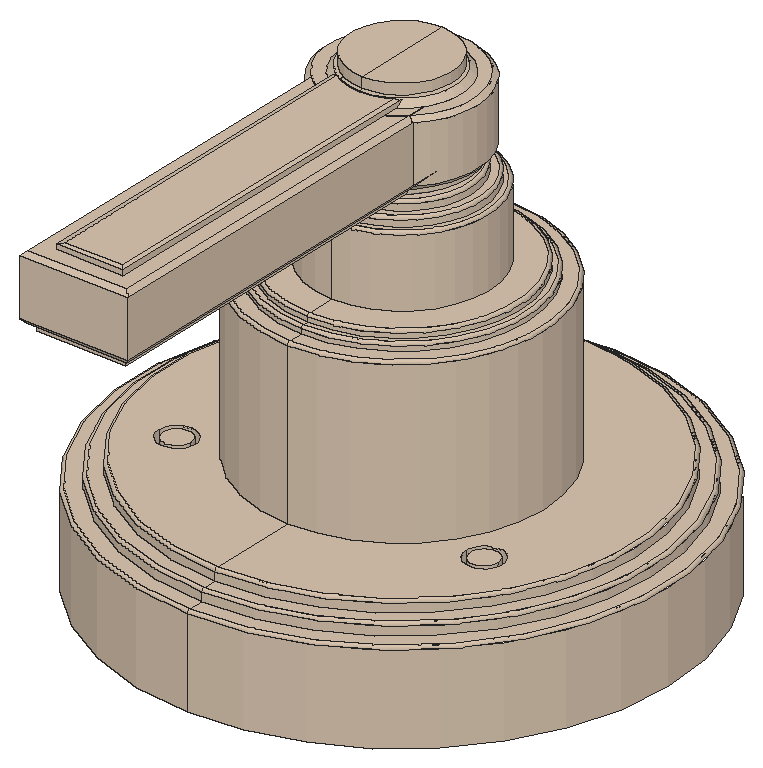
Revit family "Shower-Valve_Trim-KALLISTA-Vir_Stil-P80257_1", category Specialty Equipment, host Face, Revit 2021
Family settings
  Host = Face
  Round Connector Dimension = Use Diameter
  Part Type = Normal
  OmniClass Number = 23.31.17.00
  OmniClass Title = Showers
  Cut with Voids When Loaded = No
  Shared = No
  Room Calculation Point = No
Parameters (values of type "BAF-Brushed French Gold")
  Width = 3 193/256"  # constant formula
  WaterSense Certified = 1 = 0  # no
  Waste Water Outlet = "Waste Water Outlet"  # constant formula
  Waste Connection = 1 = 0  # no
  Vent Connection = 1 = 0  # no
  URL = "https://www.kallista.com/"
  Type = 1
  Tempered Water Inlet = "Tempered Water Inlet"  # constant formula
  Product Page URL = ""
  Product Name = "Vir Stil"  # constant formula
  Product Documentation Link = ""
  Model = if(Type = 1, "P80257-LV-BAF", if(Type = 2, "P80257-LV-BN", if(Type = 3, "P80257-LV-CP", if(Type = 4, "P80257-LV-SN", "NA"))))  # "P80257-LV-BAF"
  Material = "Premium Metal Construction"  # constant formula
  Master Format 2014 Name = "Residential Showers"  # constant formula
  Master Format 2014 = "22 42 23"  # constant formula
  Manufacturer Address = "444 Highland Dr, Kohler, WI 53044"  # constant formula
  Manufacturer = "Kallista Co."  # constant formula
  Length = 3 21/64"  # constant formula
  Hot Water Inlet = "Hot Water Inlet"  # constant formula
  Height = 3 193/256"  # constant formula
  Handle Clearance = 2.87598"  # constant formula
  HW Connection = 1 = 0  # no
  Finish = Kallista-Metal-BAF-Brushed_French_Gold
  Environmental Product Declaration = ""
  Drain Included = 1 = 0  # no
  Description = "Minimal Transfer Trim, Lever Handle"  # constant formula
  Default Elevation = 42"
  Declare Label = ""
  Date Modified = "10/14/2023"  # constant formula
  Date Created = "10/14/2023"  # constant formula
  Copyright = "Copyright Kohler Co."  # constant formula
  Contact Us = "https://www.kallista.com/corporate/contact-us/"
  Cold Water Inlet = "Cold Water Inlet"  # constant formula
  CW Connection = 1 = 0  # no
  Assembly Code = "D2010700"
  ADA Compliant = 1 = 0  # no
Types (5): name | Type | Model | Finish
  (no name) | 1 | "P80257-LV-BAF" | Kallista-Metal-BAF-Brushed_French_Gold
  BAF-Brushed French Gold | 1 | "P80257-LV-BAF" | Kallista-Metal-BAF-Brushed_French_Gold
  BN-Brushed Nickel | 2 | "P80257-LV-BN" | Kallista-Metal-BN-Brushed_Nickel
  SN-Polished Nickel | 4 | "P80257-LV-SN" | Kallista-Metal-SN-Polished_Nickel
  CP-Chrome | 3 | "P80257-LV-CP" | Kallista-Metal-CP-Chrome
Reference planes (in)
  plane 1 "Center (Front/Back)": y = 0
  plane 2: z = 0
  plane 3 "Center (Left/Right)": x = 0
  plane 4: x = -1.87598
  plane 5: x = -1
  plane 6: x = 1
  plane 7: x = 0.39961
  plane 8: x = -0.39961
  plane 9: x = -0.375
  plane 10: x = -0.39961
  plane 11: x = 0.375
  plane 12: z = 0.79921
  plane 13: y = -1.87792
  plane 14: y = -2.87598
  plane 15: y = 1.87598
  plane 16: x = 1.87792
  plane 17: z = 3.32812
Dimensions and locks (in)
  plane 9 to plane 11 = 3/4"
  plane 5 to plane 6 = 2"
  level to plane 12 = 0.79921"
  "Handle Clearance": plane 1 "Center (Front/Back)" to plane 14
  "Height": plane 15 to plane 13
  "Width": plane 4 to plane 16
  plane 14 to plane 15 = 4.75197"
  "Length": plane 17 to level
  aligned and locked: plane 2 to host face
  aligned and locked: level to host face
  aligned and locked: plane 3 "Center (Left/Right)" to nested 1
  aligned and locked: plane 1 "Center (Front/Back)" to nested 1
Automatic sketch dimensions
  host sketch curve to host sketch curve = 96"  (x2)
Nested families (in)
  nested 1: "P80257" at (0, 0, 0), type "P80257"
Definition of nested family "P80257"
  Parameters (values of type "P80257")
    Material = none
    Default Elevation = 0"
  Reference planes (in)
    plane 1 "Center (Front/Back)": y = 0
    plane 2: z = 0
    plane 3 "Center (Left/Right)": x = 0
    plane 4: x = -1.87598
    plane 5: x = 1.87598
    plane 6: y = 1.87598
    plane 7: y = -1.87598
    plane 8: z = 3.32677
    plane 9: y = -2.87598
    plane 10: z = 0.79921
    plane 11: x = -1
    plane 12: x = 1
    plane 13: x = -0.39961
    plane 14: x = 0.39961
    plane 15: x = -0.375
    plane 16: x = 0.375
  Forms (in)
    Revolve 1, solid, material <- "Material", detail levels medium+fine
      sketch origin (0, 0, 0) x (0, 1, 0) y (0, 0, 1)
        loop
          line (-1.87598, 0) -> (0, 0) -> (0, 2.6642) -> (-0.465, 2.6642)
          arc (-0.465, 2.6642) -> (-0.47892, 2.65844) -> (-0.48468, 2.64452) r 0.01969
          line (-0.48468, 2.64452) -> (-0.48468, 2.60121) -> (-0.53728, 2.60121)
          arc (-0.53728, 2.60121) -> (-0.55112, 2.59548) -> (-0.55686, 2.58164) r 0.01958
          line (-0.55686, 2.58164) -> (-0.55686, 2.53818) -> (-0.59045, 2.53818)
          arc (-0.59045, 2.53818) -> (-0.60444, 2.53238) -> (-0.61024, 2.51839) r 0.01979
          line (-0.61024, 2.51839) -> (-0.61024, 2.04172) -> (-0.80534, 2.04172)
          arc (-0.80534, 2.04172) -> (-0.81926, 2.03595) -> (-0.82502, 2.02203) r 0.01969
          line (-0.82502, 2.02203) -> (-0.82502, 1.99075) -> (-0.86043, 1.99075)
          arc (-0.86043, 1.99075) -> (-0.87428, 1.98502) -> (-0.88001, 1.97117) r 0.01958
          line (-0.88001, 1.97117) -> (-0.88001, 1.94015) -> (-0.97747, 1.94015)
          arc (-0.97747, 1.94015) -> (-0.99139, 1.93439) -> (-0.99715, 1.92047) r 0.01969
          line (-0.99715, 1.92047) -> (-0.99715, 0.79921) -> (-1.61581, 0.79921)
          arc (-1.61581, 0.79921) -> (-1.62973, 0.79345) -> (-1.6355, 0.77953) r 0.01969
          line (-1.6355, 0.77953) -> (-1.6355, 0.72) -> (-1.73053, 0.72)
          arc (-1.73053, 0.72) -> (-1.74445, 0.71423) -> (-1.75022, 0.70031) r 0.01969
          line (-1.75022, 0.70031) -> (-1.75022, 0.63994) -> (-1.85619, 0.63994)
          arc (-1.85619, 0.63994) -> (-1.87019, 0.63414) -> (-1.87598, 0.62014) r 0.01979
          line (-1.87598, 0.62014) -> (-1.87598, 0)
        axis (0, 0) -> (0, 2.6642)
      angle from 0 to 360
    Sweep 2, solid, material <- "Material", detail levels medium+fine
      path origin (0, -0.00307, 0.23855) x (0, 1, 0) y (-1, 0, 0)
        loop
          line (0.07874, 0.37598) -> (-2.87402, 0.37598) -> (-2.87402, -0.37598) -> (0.07874, -0.37598)
      profile origin (-0.37598, -2.87708, 0.23855) x (1, 0, 0) y (0, 0, 1)
        loop
          line (0, 2.53912) -> (0.03235, 2.50677) -> (0.06329, 2.50677) -> (0.06329, 2.45959) -> (0.09079, 2.44434) -> (0.2063, 2.44434) -> (0.2063, 3.00719) -> (0.17232, 3.00719) -> (0.14096, 2.99995) -> (0.14096, 2.96683) -> (0.03152, 2.96683) -> (0, 2.9353) -> (0, 2.53912)
    Revolve 3, solid, material <- "Material", detail levels medium+fine
      sketch origin (0, 0, 0) x (0, 1, 0) y (0, 0, 1)
        loop
          line (0, 2.684) -> (0.43906, 2.684) -> (0.4685, 2.699) -> (0.4685, 2.747) -> (0.501, 2.747) -> (0.531, 2.777) -> (0.531, 3.177) -> (0.501, 3.207) -> (0.415, 3.207) -> (0.375, 3.247) -> (0.28768, 3.247) -> (0.31703, 3.2571) -> (0.35265, 3.2571) -> (0.35265, 3.32792) -> (0, 3.32792) -> (0, 2.684)
        axis (0, 2.684) -> (0, 3.32792)
      angle from 0 to 360
    Extrusion 4, solid, material <- "Material", detail levels medium+fine
      sketch origin (0, 0, 0) x (1, 0, 0) y (0, 1, 0)
        loop
          arc (0.16969, -0.33441) -> (0.08724, -0.36471) -> (0, -0.375) r 0.375
          arc (0, -0.375) -> (-0.08724, -0.36471) -> (-0.16969, -0.33441) r 0.375
          line (-0.16969, -0.33441) -> (-0.16969, -2.67079) -> (0.16969, -2.67079) -> (0.16969, -0.33441)
      from 2.684 to 3.24574
    Extrusion 5, void
      sketch origin (0, 0, 0) x (1, 0, 0) y (0, 1, 0)
        loop
          circle (1.0782, -0.6225) r 0.13
        loop
          circle (-1.0782, -0.6225) r 0.13
        loop
          circle (0, 1.245) r 0.13
        loop
          circle (0, 1.245) r 0.095
        loop
          circle (-1.0782, -0.6225) r 0.095
        loop
          circle (1.0782, -0.6225) r 0.095
      from 0.72 to 1.11312
    Revolve 6, solid
      sketch origin (0, 0, 0) x (0, 1, 0) y (0, 0, 1)
        loop
          line (-0.38425, 2.6963) -> (-0.42534, 2.6642) -> (0, 2.6642) -> (0, 2.6963) -> (-0.38425, 2.6963)
        axis (0, 2.6642) -> (0, 2.70357)
      angle from 0 to 360
    Revolve 7, solid, material <- "Material", detail levels coarse
      sketch origin (0, 0, 0) x (0, 1, 0) y (0, 0, 1)
        loop
          line (-1.87598, 0) -> (0, 0) -> (0, 2.6642) -> (-0.48468, 2.6642) -> (-0.48468, 2.60121) -> (-0.55686, 2.60121) -> (-0.55686, 2.53818) -> (-0.61024, 2.53818) -> (-0.61024, 2.04172) -> (-0.82502, 2.04172) -> (-0.82502, 1.99075) -> (-0.88001, 1.99075) -> (-0.88001, 1.94015) -> (-0.99715, 1.94015) -> (-0.99715, 0.79921) -> (-1.6355, 0.79921) -> (-1.6355, 0.72) -> (-1.75022, 0.72) -> (-1.75022, 0.63994) -> (-1.87598, 0.63994) -> (-1.87598, 0)
        loop
          line (0, 2.684) -> (0, 3.32792) -> (-0.35265, 3.32792) -> (-0.35265, 3.2571) -> (-0.31703, 3.2571) -> (-0.28768, 3.247) -> (-0.375, 3.247) -> (-0.415, 3.207) -> (-0.501, 3.207) -> (-0.531, 3.177) -> (-0.531, 2.777) -> (-0.501, 2.747) -> (-0.4685, 2.747) -> (-0.4685, 2.699) -> (-0.43906, 2.684) -> (0, 2.684)
        axis (0, 0) -> (0, 3.32792)
      angle from 0 to 360
    Extrusion 8, solid, material <- "Material", detail levels coarse
      sketch origin (0, 0, 0) x (1, 0, 0) y (0, 1, 0)
        loop
          line (0.37598, -2.87708) -> (0.37598, 0)
          arc (0.37598, 0) -> (0.26517, -0.26517) -> (0, -0.375) r 0.375
          arc (0, -0.375) -> (-0.26517, -0.26517) -> (-0.375, 0) r 0.375
          line (-0.375, 0) -> (-0.37598, -2.87708) -> (0.37598, -2.87708)
      from 2.68289 to 3.24574
  Cuts and joins
    joined: Sweep 2, Extrusion 4
    Extrusion 5 cuts Revolve 1
    joined: Revolve 1, Revolve 3
  Lines and regions (in)
    Masking region 1
      outline origin (0, 0, 0) x (1, 0, 0) y (0, 1, 0)
        loop
          line (-0.375, -1.83812) -> (-0.375, -2.87598) -> (0.375, -2.87598) -> (0.375, -1.83812)
          arc (0.375, -1.83812) -> (1.45243, -1.19621) -> (1.87598, -0.01575) r 1.85678
          line (1.87598, -0.01575) -> (1.87598, 0.01575)
          arc (1.87598, 0.01575) -> (1.33113, 1.33113) -> (0.01575, 1.87598) r 1.86024
          line (0.01575, 1.87598) -> (-0.01575, 1.87598)
          arc (-0.01575, 1.87598) -> (-1.33113, 1.33113) -> (-1.87598, 0.01575) r 1.86024
          line (-1.87598, 0.01575) -> (-1.87598, -0.01575)
          arc (-1.87598, -0.01575) -> (-1.45243, -1.19621) -> (-0.375, -1.83812) r 1.85678
    Masking region 2
      outline origin (0, 0, 0) x (1, 0, 0) y (0, 0, 1)
        loop
          line (1.87598, 0) -> (1.87598, 0.62031)
          arc (1.87598, 0.62031) -> (1.87022, 0.63423) -> (1.8563, 0.64) r 0.01969
          line (1.8563, 0.64) -> (1.75, 0.64) -> (1.75, 0.70007)
          arc (1.75, 0.70007) -> (1.74416, 0.71416) -> (1.73007, 0.72) r 0.01993
          line (1.73007, 0.72) -> (1.6355, 0.72) -> (1.6355, 0.77953)
          arc (1.6355, 0.77953) -> (1.62973, 0.79345) -> (1.61581, 0.79921) r 0.01969
          line (1.61581, 0.79921) -> (1, 0.79921) -> (1, 1.91758)
          arc (1, 1.91758) -> (0.9939, 1.93232) -> (0.97916, 1.93842) r 0.02084
          line (0.97916, 1.93842) -> (0.88054, 1.93842) -> (0.88054, 1.97032)
          arc (0.88054, 1.97032) -> (0.87477, 1.98423) -> (0.86086, 1.98999) r 0.01967
          line (0.86086, 1.98999) -> (0.82478, 1.98999) -> (0.82478, 2.02098)
          arc (0.82478, 2.02098) -> (0.81866, 2.03575) -> (0.80389, 2.04187) r 0.02089
          line (0.80389, 2.04187) -> (0.6103, 2.04187) -> (0.6103, 2.51911)
          arc (0.6103, 2.51911) -> (0.60457, 2.53294) -> (0.59073, 2.53868) r 0.01957
          line (0.59073, 2.53868) -> (0.55578, 2.53868) -> (0.55578, 2.58135)
          arc (0.55578, 2.58135) -> (0.54998, 2.59537) -> (0.53595, 2.60118) r 0.01983
          line (0.53595, 2.60118) -> (0.48496, 2.60118) -> (0.48496, 2.64431)
          arc (0.48496, 2.64431) -> (0.4792, 2.65823) -> (0.46528, 2.664) r 0.01969
          line (0.46528, 2.664) -> (0.4, 2.664) -> (0.4685, 2.68961) -> (0.4685, 2.747) -> (0.501, 2.747) -> (0.531, 2.777) -> (0.531, 3.177) -> (0.501, 3.207) -> (0.39, 3.207) -> (0.39, 3.23848) -> (0.36027, 3.247) -> (0.27671, 3.247) -> (0.30764, 3.25705) -> (0.34248, 3.25705) -> (0.34248, 3.32677) -> (0, 3.32677) -> (-0.34248, 3.32677) -> (-0.34248, 3.25705) -> (-0.30764, 3.25705) -> (-0.27671, 3.247) -> (-0.36027, 3.247) -> (-0.39, 3.23848) -> (-0.39, 3.207) -> (-0.501, 3.207) -> (-0.531, 3.177) -> (-0.531, 2.777) -> (-0.501, 2.747) -> (-0.4685, 2.747) -> (-0.4685, 2.68961) -> (-0.4, 2.664) -> (-0.46528, 2.664)
          arc (-0.46528, 2.664) -> (-0.4792, 2.65823) -> (-0.48496, 2.64431) r 0.01969
          line (-0.48496, 2.64431) -> (-0.48496, 2.60118) -> (-0.53595, 2.60118)
          arc (-0.53595, 2.60118) -> (-0.54998, 2.59537) -> (-0.55578, 2.58135) r 0.01983
          line (-0.55578, 2.58135) -> (-0.55578, 2.53868) -> (-0.59073, 2.53868)
          arc (-0.59073, 2.53868) -> (-0.60457, 2.53294) -> (-0.6103, 2.51911) r 0.01957
          line (-0.6103, 2.51911) -> (-0.6103, 2.04187) -> (-0.80389, 2.04187)
          arc (-0.80389, 2.04187) -> (-0.81866, 2.03575) -> (-0.82478, 2.02098) r 0.02089
          line (-0.82478, 2.02098) -> (-0.82478, 1.98999) -> (-0.86086, 1.98999)
          arc (-0.86086, 1.98999) -> (-0.87477, 1.98423) -> (-0.88054, 1.97032) r 0.01967
          line (-0.88054, 1.97032) -> (-0.88054, 1.93842) -> (-0.97916, 1.93842)
          arc (-0.97916, 1.93842) -> (-0.9939, 1.93232) -> (-1, 1.91758) r 0.02084
          line (-1, 1.91758) -> (-1, 0.79921) -> (-1.61581, 0.79921)
          arc (-1.61581, 0.79921) -> (-1.62973, 0.79345) -> (-1.6355, 0.77953) r 0.01969
          line (-1.6355, 0.77953) -> (-1.6355, 0.72) -> (-1.73007, 0.72)
          arc (-1.73007, 0.72) -> (-1.74416, 0.71416) -> (-1.75, 0.70007) r 0.01993
          line (-1.75, 0.70007) -> (-1.75, 0.64) -> (-1.8563, 0.64)
          arc (-1.8563, 0.64) -> (-1.87022, 0.63423) -> (-1.87598, 0.62031) r 0.01969
          line (-1.87598, 0.62031) -> (-1.87598, 0) -> (0, 0) -> (1.87598, 0)
    Masking region 3
      outline origin (0, 0, 0) x (0, 1, 0) y (0, 0, 1)
        loop
          line (-1.87598, 0) -> (0, 0) -> (1.87598, 0) -> (1.87598, 0.62014)
          arc (1.87598, 0.62014) -> (1.87019, 0.63414) -> (1.85619, 0.63994) r 0.01979
          line (1.85619, 0.63994) -> (1.75022, 0.63994) -> (1.75022, 0.70031)
          arc (1.75022, 0.70031) -> (1.74445, 0.71423) -> (1.73053, 0.72) r 0.01969
          line (1.73053, 0.72) -> (1.6355, 0.72) -> (1.6355, 0.77953)
          arc (1.6355, 0.77953) -> (1.62973, 0.79345) -> (1.61581, 0.79921) r 0.01969
          line (1.61581, 0.79921) -> (0.99715, 0.79921) -> (0.99715, 1.92047)
          arc (0.99715, 1.92047) -> (0.99139, 1.93439) -> (0.97747, 1.94015) r 0.01969
          line (0.97747, 1.94015) -> (0.88001, 1.94015) -> (0.88001, 1.97117)
          arc (0.88001, 1.97117) -> (0.87428, 1.98502) -> (0.86043, 1.99075) r 0.01958
          line (0.86043, 1.99075) -> (0.82502, 1.99075) -> (0.82502, 2.02203)
          arc (0.82502, 2.02203) -> (0.81926, 2.03595) -> (0.80534, 2.04172) r 0.01969
          line (0.80534, 2.04172) -> (0.61024, 2.04172) -> (0.61024, 2.51839)
          arc (0.61024, 2.51839) -> (0.60444, 2.53238) -> (0.59045, 2.53818) r 0.01979
          line (0.59045, 2.53818) -> (0.55686, 2.53818) -> (0.55686, 2.58164)
          arc (0.55686, 2.58164) -> (0.55112, 2.59548) -> (0.53728, 2.60121) r 0.01958
          line (0.53728, 2.60121) -> (0.48468, 2.60121) -> (0.48468, 2.64452)
          arc (0.48468, 2.64452) -> (0.47892, 2.65844) -> (0.465, 2.6642) r 0.01969
          line (0.465, 2.6642) -> (0.42534, 2.6642) -> (0.4, 2.684) -> (0.43906, 2.684) -> (0.4685, 2.699) -> (0.4685, 2.747) -> (0.501, 2.747) -> (0.531, 2.777) -> (0.531, 3.177) -> (0.501, 3.207) -> (0.415, 3.207) -> (0.375, 3.247) -> (0.28768, 3.247) -> (0.31703, 3.2571) -> (0.35265, 3.2571) -> (0.35265, 3.32792) -> (-0.35265, 3.32792) -> (-0.35265, 3.2571) -> (-0.31703, 3.2571) -> (-0.28768, 3.247) -> (-2.72, 3.247) -> (-2.76, 3.207) -> (-2.845, 3.207) -> (-2.87598, 3.17602) -> (-2.87598, 2.777) -> (-2.87598, 2.69946) -> (-2.84283, 2.684) -> (-0.4, 2.684) -> (-0.42534, 2.6642) -> (-0.465, 2.6642)
          arc (-0.465, 2.6642) -> (-0.47892, 2.65844) -> (-0.48468, 2.64452) r 0.01969
          line (-0.48468, 2.64452) -> (-0.48468, 2.60121) -> (-0.53728, 2.60121)
          arc (-0.53728, 2.60121) -> (-0.55112, 2.59548) -> (-0.55686, 2.58164) r 0.01958
          line (-0.55686, 2.58164) -> (-0.55686, 2.53818) -> (-0.59045, 2.53818)
          arc (-0.59045, 2.53818) -> (-0.60444, 2.53238) -> (-0.61024, 2.51839) r 0.01979
          line (-0.61024, 2.51839) -> (-0.61024, 2.04172) -> (-0.80534, 2.04172)
          arc (-0.80534, 2.04172) -> (-0.81926, 2.03595) -> (-0.82502, 2.02203) r 0.01969
          line (-0.82502, 2.02203) -> (-0.82502, 1.99075) -> (-0.86043, 1.99075)
          arc (-0.86043, 1.99075) -> (-0.87428, 1.98502) -> (-0.88001, 1.97117) r 0.01958
          line (-0.88001, 1.97117) -> (-0.88001, 1.94015) -> (-0.97747, 1.94015)
          arc (-0.97747, 1.94015) -> (-0.99139, 1.93439) -> (-0.99715, 1.92047) r 0.01969
          line (-0.99715, 1.92047) -> (-0.99715, 0.79921) -> (-1.61581, 0.79921)
          arc (-1.61581, 0.79921) -> (-1.62973, 0.79345) -> (-1.6355, 0.77953) r 0.01969
          line (-1.6355, 0.77953) -> (-1.6355, 0.72) -> (-1.73053, 0.72)
          arc (-1.73053, 0.72) -> (-1.74445, 0.71423) -> (-1.75022, 0.70031) r 0.01969
          line (-1.75022, 0.70031) -> (-1.75022, 0.63994) -> (-1.85619, 0.63994)
          arc (-1.85619, 0.63994) -> (-1.87019, 0.63414) -> (-1.87598, 0.62014) r 0.01979
          line (-1.87598, 0.62014) -> (-1.87598, 0)
    symbolic lines, detail levels medium+fine
      curve 1: arc (-0.375, -1.59193, 0) -> (-1.62457, 0.18876, 0) -> (0, 1.6355, 0) r 1.6355
      curve 2: arc (0, 1.6355, 0) -> (1.62627, 0.17348, 0) -> (0.345, -1.5987, 0) r 1.6355
      curve 3: arc (0, 1.75, 0) -> (1.74139, 0.17335, 0) -> (0.345, -1.71566, 0) r 1.75
      curve 4: arc (-0.375, -1.70935, 0) -> (-1.73981, 0.1886, 0) -> (0, 1.75, 0) r 1.75
      curve 5: arc (-0.375, -0.40085, 0) -> (-0.37922, -0.37836, 0) -> (-0.39131, -0.35894, 0) r 0.062
      curve 6: arc (-0.3692, -0.33866, 0) -> (-0.45862, 0.20166, 0) -> (0, 0.501, 0) r 0.501
      curve 7: arc (-0.2464, -0.28268, 0) -> (-0.35116, 0.13157, 0) -> (0, 0.375, 0) r 0.375
      curve 8: arc (0.25626, -0.29399, 0) -> (0, 0.39, 0) -> (-0.25626, -0.29399, 0) r 0.39
      curve 9: arc (-0.235, -0.34073, 0) -> (-0.24057, -0.31505, 0) -> (-0.25626, -0.29399, 0) r 0.062
      curve 10: line (-0.235, -0.34073, 0) -> (-0.235, -2.735, 0)
      curve 11: line (0.22, -2.72, 0) -> (0.22, -0.34073, 0)
      curve 12: arc (0.22, -0.34073, 0) -> (0.22691, -0.30884, 0) -> (0.2464, -0.28268, 0) r 0.077
      curve 13: arc (0, 0.375, 0) -> (0.35116, 0.13157, 0) -> (0.2464, -0.28268, 0) r 0.375
      curve 14: arc (0.25626, -0.29399, 0) -> (0, 0.39, 0) -> (-0.25626, -0.29399, 0) r 0.39
      curve 15: arc (0.25626, -0.29399, 0) -> (0.24057, -0.31505, 0) -> (0.235, -0.34073, 0) r 0.062
      curve 16: line (0.235, -2.735, 0) -> (0.235, -0.34073, 0)
      curve 17: line (-0.375, -0.40085, 0) -> (-0.375, -2.875, 0)
      curve 18: line (-0.345, -0.40085, 0) -> (-0.345, -2.845, 0)
      curve 19: arc (-0.3692, -0.33866, 0) -> (-0.35126, -0.36748, 0) -> (-0.345, -0.40085, 0) r 0.092
      curve 20: arc (0.345, -0.40085, 0) -> (0.35126, -0.36748, 0) -> (0.3692, -0.33866, 0) r 0.092
      curve 21: line (0.345, -2.845, 0) -> (0.345, -0.40085, 0)
      curve 22: arc (0, 0.501, 0) -> (0.45862, 0.20166, 0) -> (0.3692, -0.33866, 0) r 0.501
      curve 23: arc (0, -0.17, 0) -> (-0.17, 0, 0) -> (0, 0.17, 0) r 0.17
      curve 24: arc (0, -0.15, 0) -> (0.15, 0, 0) -> (0, 0.15, 0) r 0.15
      curve 25: arc (0, 0.15, 0) -> (-0.15, 0, 0) -> (0, -0.15, 0) r 0.15
      curve 26: arc (0, 0.17, 0) -> (0.17, 0, 0) -> (0, -0.17, 0) r 0.17
      curve 27: arc (0.345, -0.40331, 0) -> (0.03206, 0.52977, 0) -> (-0.39112, -0.35876, 0) r 0.53074
      curve 28: arc (0.345, -0.42012, 0) -> (0.02036, 0.54324, 0) -> (-0.37549, -0.39311, 0) r 0.54362
      curve 29: arc (0.345, -0.44231, 0) -> (0.01957, 0.5606, 0) -> (-0.375, -0.41718, 0) r 0.56095
      curve 30: arc (-0.2464, -0.28268, 0) -> (-0.22691, -0.30884, 0) -> (-0.22, -0.34073, 0) r 0.077
      curve 31: line (-0.22, -0.34073, 0) -> (-0.22, -2.72, 0)
      curve 32: line (-0.235, -2.735, 0) -> (0.235, -2.735, 0)
      curve 33: line (-0.22, -2.72, 0) -> (0.22, -2.72, 0)
      curve 34: line (-0.345, -2.845, 0) -> (0.345, -2.845, 0)
      curve 35: arc (0.345, -0.72732, 0) -> (0.01677, 0.80483, 0) -> (-0.375, -0.71232, 0) r 0.805
      curve 36: arc (0.345, -0.75117, 0) -> (0.01666, 0.82644, 0) -> (-0.375, -0.73665, 0) r 0.82661
      curve 37: arc (0.345, -0.78843, 0) -> (0.01651, 0.86045, 0) -> (-0.375, -0.77461, 0) r 0.86061
      curve 38: arc (0.345, -0.81072, 0) -> (0.01644, 0.88092, 0) -> (-0.375, -0.79729, 0) r 0.88107
      curve 39: arc (0.345, -0.91635, 0) -> (0.01613, 0.97901, 0) -> (-0.375, -0.90449, 0) r 0.97915
      curve 40: arc (0.345, -0.94029, 0) -> (0.01607, 1.00146, 0) -> (-0.375, -0.92874, 0) r 1.00159
      curve 41: arc (0.13, 1.245, 0) -> (0, 1.375, 0) -> (-0.13, 1.245, 0) r 0.13
      curve 42: arc (-0.13, 1.245, 0) -> (0, 1.115, 0) -> (0.13, 1.245, 0) r 0.13
      curve 43: arc (-0.095, 1.245, 0) -> (0, 1.15, 0) -> (0.095, 1.245, 0) r 0.095
      curve 44: arc (0.095, 1.245, 0) -> (0, 1.34, 0) -> (-0.095, 1.245, 0) r 0.095
      curve 45: arc (1.2082, -0.6225, 0) -> (1.0782, -0.4925, 0) -> (0.9482, -0.6225, 0) r 0.13
      curve 46: arc (0.9482, -0.6225, 0) -> (1.0782, -0.7525, 0) -> (1.2082, -0.6225, 0) r 0.13
      curve 47: arc (0.9832, -0.6225, 0) -> (1.0782, -0.7175, 0) -> (1.1732, -0.6225, 0) r 0.095
      curve 48: arc (1.1732, -0.6225, 0) -> (1.0782, -0.5275, 0) -> (0.9832, -0.6225, 0) r 0.095
      curve 49: arc (-1.2082, -0.6225, 0) -> (-1.0782, -0.7525, 0) -> (-0.9482, -0.6225, 0) r 0.13
      curve 50: arc (-1.1732, -0.6225, 0) -> (-1.0782, -0.7175, 0) -> (-0.9832, -0.6225, 0) r 0.095
      curve 51: arc (-0.9832, -0.6225, 0) -> (-1.0782, -0.5275, 0) -> (-1.1732, -0.6225, 0) r 0.095
      curve 52: arc (-0.9482, -0.6225, 0) -> (-1.0782, -0.4925, 0) -> (-1.2082, -0.6225, 0) r 0.13
      curve 53: line (1.6355, 0, 0.72) -> (-1.6355, 0, 0.72)
      curve 54: line (-1.3937, 0, 0.64) -> (1.75, 0, 0.64)
      curve 55: line (-1.75, 0, 0.64) -> (-1.3937, 0, 0.64)
      curve 56: line (-1.87598, 0, 0.62031) -> (1.87598, 0, 0.62031)
      curve 57: line (1.75, 0, 0.70007) -> (-1.75, 0, 0.70007)
      curve 58: line (-1.6355, 0, 0.77953) -> (1.6355, 0, 0.77953)
      curve 59: line (1, 0, 0.79921) -> (-1, 0, 0.79921)
      curve 60: line (0.6103, 0, 2.04187) -> (-0.6103, 0, 2.04187)
      curve 61: line (-0.82478, 0, 2.02098) -> (0.82478, 0, 2.02098)
      curve 62: line (0.82478, 0, 1.98999) -> (-0.82478, 0, 1.98999)
      curve 63: line (-0.88054, 0, 1.97032) -> (0.88054, 0, 1.97032)
      curve 64: line (0.88054, 0, 1.93842) -> (-0.88054, 0, 1.93842)
      curve 65: line (0.55578, 0, 2.53868) -> (-0.55578, 0, 2.53868)
      curve 66: line (0.6103, 0, 2.51911) -> (-0.6103, 0, 2.51911)
      curve 67: line (0.48496, 0, 2.60118) -> (-0.48496, 0, 2.60118)
      curve 68: line (0.4, 0, 2.664) -> (-0.4, 0, 2.664)
      curve 69: line (0.48496, 0, 2.64431) -> (-0.48496, 0, 2.64431)
      curve 70: line (0.4685, 0, 2.68961) -> (-0.4685, 0, 2.68961)
      curve 71: line (-0.4685, 0, 2.747) -> (0.4685, 0, 2.747)
      curve 72: line (0.531, 0, 2.777) -> (-0.531, 0, 2.777)
      curve 73: line (0.39, 0, 3.207) -> (-0.39, 0, 3.207)
      curve 74: line (0.531, 0, 3.177) -> (-0.531, 0, 3.177)
      curve 75: line (0.27671, 0, 3.247) -> (-0.27671, 0, 3.247)
      curve 76: line (-0.30764, 0, 3.25705) -> (0.30764, 0, 3.25705)
      curve 77: line (0.39, 0, 3.23848) -> (-0.39, 0, 3.23848)
      curve 78: line (0, 1.6355, 0.77953) -> (0, -1.6355, 0.77953)
      curve 79: line (0, -1.75022, 0.70031) -> (0, 1.75022, 0.70031)
      curve 80: line (0, 1.6355, 0.72) -> (0, -1.6355, 0.72)
      curve 81: line (0, -1.75022, 0.63994) -> (0, 1.75022, 0.63994)
      curve 82: line (0, 1.87598, 0.62014) -> (0, -1.87598, 0.62014)
      curve 83: line (0, 0.99715, 0.79921) -> (0, -0.99715, 0.79921)
      curve 84: line (0, 0.99715, 1.92047) -> (0, -0.99715, 1.92047)
      curve 85: line (0, -0.88001, 1.94015) -> (0, 0.88001, 1.94015)
      curve 86: line (0, 0.82502, 1.99075) -> (0, -0.82502, 1.99075)
      curve 87: line (0, 0.61024, 2.04172) -> (0, -0.61024, 2.04172)
      curve 88: line (0, 0.55686, 2.53818) -> (0, -0.55686, 2.53818)
      curve 89: line (0, -0.48468, 2.60121) -> (0, 0.48468, 2.60121)
      curve 90: line (0, 0.42534, 2.6642) -> (0, -0.42534, 2.6642)
      curve 91: line (0, -0.4, 2.684) -> (0, 0.4, 2.684)
      curve 92: line (0, 0.48468, 2.64452) -> (0, -0.48468, 2.64452)
      curve 93: line (0, -0.61024, 2.51839) -> (0, 0.61024, 2.51839)
      curve 94: line (0, 0.55686, 2.58164) -> (0, -0.55686, 2.58164)
      curve 95: line (0, 0.4685, 2.699) -> (0, -2.875, 2.699)
      curve 96: line (0, -2.76, 3.207) -> (0, 0.415, 3.207)
      curve 97: line (0, 0.531, 3.177) -> (0, -2.875, 3.177)
      curve 98: line (0, 0.531, 2.777) -> (0, -2.87598, 2.777)
      curve 99: line (0, 0.4685, 2.747) -> (0, -2.87598, 2.747)
      curve 100: line (0, 0.28768, 3.247) -> (0, -0.28768, 3.247)
      curve 101: line (0, -0.31703, 3.2571) -> (0, 0.31703, 3.2571)
      curve 102: line (1, 0, 1.91758) -> (-1, 0, 1.91758)
      curve 103: line (0.55578, 0, 2.58135) -> (-0.55578, 0, 2.58135)
  Dimensions and locks (in)
    plane 4 to plane 5 = 3.75197"
    plane 7 to plane 6 = 3.75197"
    plane 8 to level = 3.32677"  (x2)
    plane 6 to plane 9 = 4.75197"
    plane 1 "Center (Front/Back)" to plane 9 = 2.87598"
    plane 10 to level = 0.79921"
    plane 11 to plane 12 = 2"
    plane 13 to plane 14 = 0.79921"
    aligned and locked: plane 2 to level
